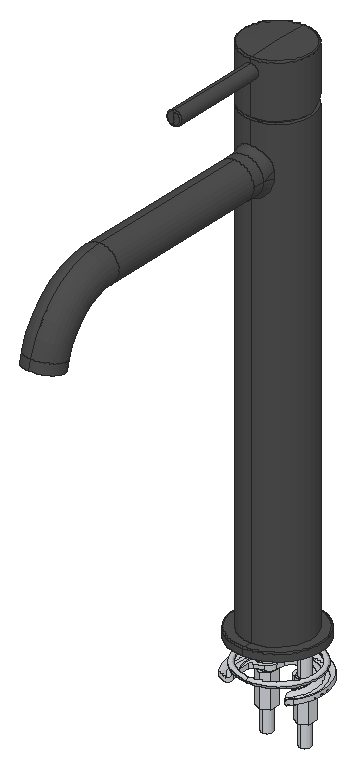
Revit family "Reece_Tap_Mizu_Drift_Basin Mixer_Curved_Extended", category Plumbing Fixtures, host Face, Revit 2018
Family settings
  Host = Face
  Round Connector Dimension = Use Diameter
  Part Type = Normal
  Cut with Voids When Loaded = No
  Shared = Yes
  Room Calculation Point = Yes
Parameters (values of type "165 mm_Matte Black")
  WFU = 0  # constant formula
  URL = "https://www.reece.com.au/product/-2267222"
  Type Comments = "Tap"
  Reece_Tap_Reach = 165 mm  # constant formula
  Reece_Tap_Inlet = 12 mm  # constant formula
  Reece_Tap_Clearance = 208 mm  # constant formula
  Reece_Product_Web Page = "https://www.reece.com.au/product/-2267222"
  Reece_Product_Type = "Tap"  # constant formula
  Reece_Product_Sub Brand = "Drift"  # constant formula
  Reece_Product_Number = "2267222"
  Reece_Product_Mount = "Hob Mounted"  # constant formula
  Reece_Product_Description = "Mizu Drift Extended Basin Mixer Curved Spout Matte Black (6 Star)"
  Reece_Product_Brand = "Mizu"  # constant formula
  Reece_Overall_Height = 301 mm  # constant formula
  Reece_Nozzle_Pipe Radius = 10.5 mm  # constant formula
  Reece_Material_Main = Reece_Brass_Matte Black
  Reece_Detail_Shape = "Curved"  # constant formula
  Reece_Detail_Installation = ""
  Reece_Detail_Disclaimer = "THIS FILE IS THE PROPERTY OF THE REECE GROUP. IT MAY NOT BE REPRODUCED, REVERSE-ENGINEERED, OR MODIFIED. ANY REPUBLICATION, TRANSMISSION, OR DISTRIBUTION FOR THE PURPOSE OF COMMERCIALLY EXPLOITING THE FILES IS PROHIBITED."  # constant formula
  Reece_Detail_Connector = ""
  Reece_Detail_Additional = "Extended"  # constant formula
  Model = "Drift"
  Manufacturer = "Mizu"
  Keynote = "Product #2267222, Reece_Tap_Mizu_Drift_Basin Mixer_Curved_Extended - 165 mm_Matte Black"
  HWFU = 0  # constant formula
  Disclaimer = "THIS FILE IS THE PROPERTY OF THE REECE GROUP. IT MAY NOT BE REPRODUCED, REVERSE-ENGINEERED, OR MODIFIED. ANY REPUBLICATION, TRANSMISSION, OR DISTRIBUTION FOR THE PURPOSE OF COMMERCIALLY EXPLOITING THE FILES IS PROHIBITED."  # constant formula
  Description = "Mizu Drift Extended Basin Mixer Curved Spout Matte Black (6 Star)"
  Default Elevation = 1000 mm
  CWFU = 0  # constant formula
Types (5, lengths in mm): name | URL | Reece_Product_Web Page | Reece_Product_Number | Reece_Product_Description | Reece_Material_Main | Keynote | Description
  165 mm_Brushed Nickel | "https://www.reece.com.au/product/-2267242" | "https://www.reece.com.au/product/-2267242" | "2267242" | "Mizu Drift Extended Basin Mixer Curved Spout Brushed Nickel (6 Star)" | Reece_Brass_Brushed Nickel | "Product #2267242, Reece_Tap_Mizu_Drift_Basin Mixer_Curved_Extended - 165 mm_Brushed Nickel" | "Mizu Drift Extended Basin Mixer Curved Spout Brushed Nickel (6 Star)"
  165 mm_Chrome | "https://www.reece.com.au/product/-2267200" | "https://www.reece.com.au/product/-2267200" | "2267200" | "Mizu Drift Extended Basin Mixer Curved Spout Chrome (6 Star)" | Reece_Brass_Chrome | "Product #2267200, Reece_Tap_Mizu_Drift_Basin Mixer_Curved_Extended - 165 mm_Chrome" | "Mizu Drift Extended Basin Mixer Curved Spout Chrome (6 Star)"
  165 mm_Matte Black | "https://www.reece.com.au/product/-2267222" | "https://www.reece.com.au/product/-2267222" | "2267222" | "Mizu Drift Extended Basin Mixer Curved Spout Matte Black (6 Star)" | Reece_Brass_Matte Black | "Product #2267222, Reece_Tap_Mizu_Drift_Basin Mixer_Curved_Extended - 165 mm_Matte Black" | "Mizu Drift Extended Basin Mixer Curved Spout Matte Black (6 Star)"
  165 mm_Brushed Gunmetal | "https://www.reece.com.au/product/-2267262" | "https://www.reece.com.au/product/-2267262" | "2267262" | "Mizu Drift Extended Basin Mixer Curved Spout Brushed Gunmetal (6 Star)" | Reece_Brass_Brushed Gunmetal | "Product #2267262, Reece_Tap_Mizu_Drift_Basin Mixer_Curved_Extended - 165 mm_Brushed Gunmetal" | "Mizu Drift Extended Basin Mixer Curved Spout Brushed Gunmetal (6 Star)"
  165 mm_Brushed Brass | "https://www.reece.com.au/product/-2267282" | "https://www.reece.com.au/product/-2267282" | "2267282" | "Mizu Drift Extended Basin Mixer Curved Spout Brushed Brass (6 Star)" | Reece_Brass_Brushed | "Product #2267282, Reece_Tap_Mizu_Drift_Basin Mixer_Curved_Extended - 165 mm_Brushed Brass" | "Mizu Drift Extended Basin Mixer Curved Spout Brushed Brass (6 Star)"
Reference planes
  plane 1 "Center (Front/Back)": y = 0
  plane 2: z = 0
  plane 3 "Center (Left/Right)": x = 0
  plane 4 "Top": z = 301
  plane 5: z = 243
  plane 6: y = -165
  plane 7: z = 208
  plane 8: through (0, -165, 208) normal (0, -0.9659, 0.2588)
  plane 9: y = 24.5
  plane 10: y = -175.5
Forms (mm)
  Revolve 1, solid, material "Reece_Brass_Matte Black" <- "Reece_Material_Main"
    sketch origin (0, 0, 0) x (0, 1, 0) y (0, 0, 1)
      loop
        line (-19, 268.979) -> (-19, 4.5) -> (-17.5, 4.5) -> (-17.5, 7) -> (0, 7) -> (0, 275.979) -> (-13.55, 275.979) -> (-13.55, 279.664)
        arc (-13.55, 279.664) -> (-16.07, 274.573) -> (-17.057, 268.979) r 20
        line (-17.057, 268.979) -> (-19, 268.979)
      axis (0, 279.664) -> (0, 4.5)
    angle from 0 to 360
  Revolve 2, solid, material "Reece_Brass_Matte Black" <- "Reece_Material_Main"
    sketch origin (0, 0, 0) x (0, 1, 0) y (0, 0, 1)
      loop
        line (-17.5, 4.5) -> (-24, 4.5)
        arc (-24, 4.5) -> (-24.354, 4.354) -> (-24.5, 4) r 0.5
        line (-24.5, 4) -> (-24.5, 0) -> (-22, 0) -> (-22, -1) -> (-18, -1) -> (-18, 2) -> (-16.5, 2) -> (-16.5, 5.5) -> (-17.5, 5.5) -> (-17.5, 4.5)
      axis (0, 5.5) -> (0, -1)
    angle from 0 to 360
  Revolve 3, solid, material "Reece_Brass_Matte Black" <- "Reece_Material_Main"
    sketch origin (0, 0, 118.364) x (0, 1, 0) y (0, 0, 1)
      loop
        line (-19, 152.3) -> (-17.94, 152.3) -> (-17.5, 158.59) -> (-17.5, 162.3) -> (0, 162.3) -> (0, 182.636)
        arc (0, 182.636) -> (-9.214, 182.544) -> (-18.424, 182.269) r 465.11
        arc (-18.424, 182.269) -> (-18.833, 182.085) -> (-19, 181.67) r 0.6
        line (-19, 181.67) -> (-19, 152.3)
      axis (0, 182.636) -> (0, 152.3)
    angle from 0 to 360
  Extrusion 4, void
    sketch origin (0, 21.394, 280.113) x (0, 0.91357, 0.406681) y (1, 0, 0)
      loop
        line (14.799, 24.5) -> (-35.201, 24.5) -> (-35.201, -24.5) -> (14.799, -24.5) -> (14.799, 24.5)
    from 0 to 19
  Revolve 5, void
    sketch origin (0, 0, 114.926) x (0, 1, 0) y (0, 0, 1)
      loop
        line (17.434, 173.743) -> (17.434, 169.75) -> (20.568, 169.75) -> (20.568, 173.743) -> (17.434, 173.743)
      axis (20.568, 169.75) -> (17.434, 169.75)
    angle from 0 to 360
  Revolve 6, solid, material "Reece_Brass_Matte Black" <- "Reece_Material_Main"
    sketch origin (0, 0, 114.926) x (0, 1, 0) y (0, 0, 1)
      loop
        arc (19.852, 169.75) -> (19.653, 171.536) -> (19.065, 173.234) r 8.104
        arc (19.065, 173.234) -> (18.801, 173.532) -> (18.419, 173.642) r 0.716
        line (18.419, 173.642) -> (17.555, 173.642) -> (17.555, 169.75) -> (19.852, 169.75)
      axis (17.555, 169.75) -> (19.852, 169.75)
    angle from 0 to 360
  Revolve 7, solid, material "Reece_Brass_Matte Black" <- "Reece_Material_Main"
    sketch origin (0, 0, 117.364) x (0, 1, 0) y (0, 0, 1)
      loop
        line (-73.215, 176.258) -> (-11.215, 176.258) -> (-11.215, 179.458) -> (-12.015, 180.258) -> (-72.715, 180.258)
        arc (-72.715, 180.258) -> (-73.069, 180.112) -> (-73.215, 179.758) r 0.5
        line (-73.215, 179.758) -> (-73.215, 176.258)
      axis (-11.215, 176.258) -> (-73.215, 176.258)
    angle from 0 to 360
  Revolve 8, solid
    sketch origin (0, 0, 0) x (0, 1, 0) y (0, 0, 1)
      loop
        circle (22.2, -14) r 1.3
      axis (1, -14) -> (1, -13)
    angle from 0 to 360
  Extrusion 9, void
    sketch origin (0, 2, 7) x (1, 0, 0) y (0, 1, 0)
      loop
        circle (-7, -9.5) r 6.7
      loop
        circle (-10.749, 4.019) r 3.519
      loop
        circle (10.75, 4) r 3.5
      loop
        circle (7, -9.5) r 6.7
    from 0 to 4
  Extrusion 10, solid
    sketch origin (0, 2, 7) x (0, 1, 0) y (1, 0, 0)
      loop
        circle (4, 10.75) r 3
      loop
        circle (4, -10.75) r 3
    from 0 to 61.5
  Revolve 11, solid
    sketch origin (0, 0, 0) x (0, 1, 0) y (0, 0, 1)
      loop
        arc (18.75, -21.5) -> (21.75, -23) -> (24.75, -21.5) r 3.75
        line (24.75, -21.5) -> (25.75, -21.5) -> (25.75, -19)
        arc (25.75, -19) -> (24.212, -19.499) -> (22.941, -20.498) r 4.61
        arc (22.941, -20.498) -> (21.841, -21) -> (20.728, -20.527) r 1.5
        arc (20.728, -20.527) -> (19.122, -19.398) -> (17.2, -19) r 4.84
        line (17.2, -19) -> (17.2, -21.5) -> (18.75, -21.5)
      axis (0, -19) -> (0, -21.5)
    angle from 0 to 360
  Extrusion 12, solid
    sketch origin (0, 0, -23) x (1, 0, 0) y (0, 1, 0)
      loop
        arc (-9.053, 2.711) -> (-6.961, 7.197) -> (-11.447, 9.289) r 3.5
        line (-11.447, 9.289) -> (-13.326, 8.605)
        arc (-13.326, 8.605) -> (-15.418, 4.119) -> (-10.932, 2.027) r 3.5
        line (-10.932, 2.027) -> (-9.053, 2.711)
      loop
        arc (-5.01, 5.791) -> (-6.06, 3.288) -> (-8.263, 1.702) r 5
        line (-8.263, 1.702) -> (-13.684, -0.271)
        arc (-13.684, -0.271) -> (-14.638, -1.003) -> (-15, -2.15) r 2
        line (-15, -2.15) -> (-15, -8.417)
        arc (-15, -8.417) -> (0, 17.2) -> (15, -8.417) r 17.2
        line (15, -8.417) -> (15, -2.15)
        arc (15, -2.15) -> (14.638, -1.003) -> (13.684, -0.271) r 2
        line (13.684, -0.271) -> (8.263, 1.702)
        arc (8.263, 1.702) -> (6.06, 3.288) -> (5.01, 5.791) r 5
        line (5.01, 5.791) -> (4.466, 10.221)
        arc (4.466, 10.221) -> (0, 14.173) -> (-4.466, 10.221) r 4.5
        line (-4.466, 10.221) -> (-5.01, 5.791)
      loop
        arc (11.447, 9.289) -> (6.961, 7.197) -> (9.053, 2.711) r 3.5
        line (9.053, 2.711) -> (10.932, 2.027)
        arc (10.932, 2.027) -> (15.418, 4.119) -> (13.326, 8.605) r 3.5
        line (13.326, 8.605) -> (11.447, 9.289)
    from 1.5 to 4
  Extrusion 13, void
    sketch origin (0, 0, -23) x (1, 0, 0) y (0, 1, 0)
      loop
        line (27.556, -34.599) -> (27.556, -14.961) -> (20.958, -14.961)
        arc (20.958, -14.961) -> (17.049, -15.272) -> (15, -11.93) r 3.75
        line (15, -11.93) -> (15, -8.417) -> (-15, -8.417) -> (-15, -11.93)
        arc (-15, -11.93) -> (-17.049, -15.272) -> (-20.958, -14.961) r 3.75
        line (-20.958, -14.961) -> (-27.556, -14.961) -> (-27.556, -34.599) -> (27.556, -34.599)
    from 0 to 5
  Extrusion 14, solid
    sketch origin (0, 0, 0) x (1, 0, 0) y (0, 1, 0)
      loop
        circle (10.75, 6) r 3
      loop
        line (10.75, 11.196) -> (6.25, 8.598) -> (6.25, 3.402) -> (10.75, 0.804) -> (15.25, 3.402) -> (15.25, 8.598) -> (10.75, 11.196)
      loop
        circle (-10.75, 6) r 3
      loop
        line (-10.75, 11.196) -> (-15.25, 8.598) -> (-15.25, 3.402) -> (-10.75, 0.804) -> (-6.25, 3.402) -> (-6.25, 8.598) -> (-10.75, 11.196)
    from -41.5 to -23
  Extrusion 15, void
    sketch origin (0, 0, 0) x (1, 0, 0) y (0, 1, 0)
      loop
        circle (0, 0) r 22
    from 0 to -35
  Sweep 16, solid, material "Reece_Brass_Matte Black" <- "Reece_Material_Main"
    path origin (0, -45.358, 116) x (0, 1, 0) y (0, 0, 1)
      loop
        line (15.429, 127) -> (-79.929, 127)
        arc (-79.929, 127) -> (-104.279, 118.734) -> (-118.566, 97.353) r 40
        line (-118.566, 97.353) -> (-120, 92)
    profile origin (0, -77.608, 243) x (0, 0, -1) y (1, 0, 0)
      loop
        circle (0, 0) r 10.5
  Sweep 17, solid, material "Reece_Brass_Matte Black" <- "Reece_Material_Main"
    path origin (0, 0, 116) x (0, 1, 0) y (0, 0, 1)
      loop
        line (-29.929, 137.5) -> (-23.438, 137.5)
        arc (-23.438, 137.5) -> (-19.902, 138.964) -> (-18.438, 142.5) r 5
        line (-18.438, 142.5) -> (-18.438, 147.5)
    profile origin (0, -26.683, 253.5) x (0, 0, 1) y (1, 0, 0)
      loop
        arc (-10.5, -10.5) -> (0, 0) -> (-10.5, 10.5) r 10.5
        line (-10.5, 10.5) -> (-10.5, -10.5)
  Sweep 18, solid, material "Reece_Brass_Matte Black" <- "Reece_Material_Main"
    path origin (0, 0, 370) x (0, 1, 0) y (0, 0, -1)
      loop
        line (-29.929, 137.5) -> (-23.438, 137.5)
        arc (-23.438, 137.5) -> (-19.902, 138.964) -> (-18.438, 142.5) r 5
        line (-18.438, 142.5) -> (-18.438, 147.5)
    profile origin (0, -26.683, 232.5) x (0, 0, 1) y (1, 0, 0)
      loop
        line (10.5, -10.5) -> (10.5, 10.5)
        arc (10.5, 10.5) -> (0, 0) -> (10.5, -10.5) r 10.5
  Extrusion 19, solid, material "Reece_Brass_Matte Black" <- "Reece_Material_Main"
    sketch origin (0, 0, 116) x (0, 1, 0) y (0, 0, 1)
      loop
        arc (-23.438, 127) -> (-12.477, 122.46) -> (-7.938, 111.5) r 15.5
        line (-7.938, 111.5) -> (-7.938, 142.5)
        arc (-7.938, 142.5) -> (-12.477, 131.54) -> (-23.438, 127) r 15.5
    from -10.5 to 10.5
  Revolve 20, void
    sketch origin (0, -45.357, 116.003) x (0, 1, 0) y (0, 0, 1)
      loop
        line (-120.258, 91.037) -> (-110.53, 88.43) -> (-110.005, 90.392) -> (-110.953, 90.646) -> (-110.695, 91.612) -> (-119.474, 93.964) -> (-120.258, 91.037)
      axis (-120.258, 91.037) -> (-119.474, 93.964)
    angle from 0 to 360
Cuts and joins
  Extrusion 9 cuts Revolve 1
  Extrusion 9 cuts Revolve 2
  Extrusion 4, Revolve 5 cuts Revolve 3
  Revolve 20 cuts Sweep 16
  joined: Revolve 1, Revolve 2, Revolve 3, Revolve 7, Sweep 16, Sweep 17, Sweep 18, Extrusion 19
  Extrusion 9 cuts Extrusion 10
  joined: Extrusion 10, Extrusion 14
  Extrusion 13 cuts Revolve 11
Lines and regions (mm)
  reference lines
    curve 1: line (0, 42.299, 289.419) -> (0, 0.166, 270.664)
Text (mm)
  text "Reece Copyright © 2018, Reece Ltd." at (-1403.988, -292.393, 0), in view "Ref. Level"
  text "Reece ©" at (-66.876, 161.614, 206.269), in view "Reece Preview"
Dimensions and locks
  locked: Revolve 1 sketch curve to Revolve 1 sketch curve at 2.5
  Revolve 1 sketch curve to Revolve 1 sketch curve = 19 mm
  Revolve 2 sketch curve to Revolve 2 sketch curve = 24.5 mm
  locked: Revolve 2 sketch curve to Revolve 2 sketch curve at 2.5
  locked: Revolve 2 sketch curve to Revolve 2 sketch curve at 3.5
  locked: Revolve 2 sketch curve to Revolve 2 sketch curve at 1
  Revolve 2 sketch curve to Revolve 2 sketch curve = 17.5 mm
  locked: Revolve 2 sketch curve to Revolve 2 sketch curve at 1.5
  Extrusion 4 sketch curve to curve 1 to Extrusion 4 sketch curve = 24.5 mm, 24.5 mm
  locked: Revolve 7 sketch curve to Revolve 7 sketch curve at 4
  "Reece_Overall_Height": plane 4 "Top" to level
  "Reece_Tap_Clearance": plane 7 to level
  "Reece_Tap_Reach": plane 6 to plane 1 "Center (Front/Back)"
  level to plane 5 = 243 mm
  "Reece_Nozzle_Pipe Radius": radius of Sweep 16 sketch curve
  angle plane 8 to plane 6 = 15.00°
  angle plane 6 to plane 8 = 15.00°
  aligned and locked: plane 2 to host face
  aligned and locked: level to host face
  aligned and locked: Revolve 3 sketch curve to Revolve 3 sketch curve
Automatic sketch dimensions
  host sketch curve to host sketch curve = 380.785 mm
  host sketch curve to host sketch curve = 317.421 mm
  curve 1 to plane 1 "Center (Front/Back)" = 0.166 mm
  curve 1 to plane 5 = 27.664 mm
  Revolve 5 sketch curve to plane 1 "Center (Front/Back)" = 17.434 mm
  Revolve 5 sketch curve to Revolve 5 sketch curve = 3.134 mm
  Revolve 5 sketch curve to plane 4 "Top" = 16.324 mm
  Revolve 5 sketch curve to Revolve 5 sketch curve = 3.993 mm
  Revolve 5 sketch curve to Revolve 5 sketch curve = 2.864 mm
  Revolve 5 sketch curve to Revolve 5 sketch curve = 4.002 mm
  Revolve 5 sketch curve to Revolve 5 sketch curve = 0 mm
  Revolve 6 sketch curve to plane 1 "Center (Front/Back)" = 11.748 mm
  Revolve 6 sketch curve to Revolve 6 sketch curve = 5.807 mm
  Revolve 6 sketch curve to Revolve 6 sketch curve = 0.864 mm
  Revolve 6 sketch curve to Revolve 6 sketch curve = 2.297 mm
  Revolve 6 sketch curve to plane 4 "Top" = 16.324 mm
  Revolve 6 sketch curve to Revolve 6 sketch curve = 3.177 mm
  Revolve 6 sketch curve to Revolve 6 sketch curve = 0.716 mm
  Revolve 6 sketch curve to Revolve 6 sketch curve = 1.775 mm
  Revolve 6 sketch curve to Revolve 6 sketch curve = 5.654 mm
  Revolve 6 sketch curve to Revolve 6 sketch curve = 0 mm
  Revolve 7 sketch curve to plane 4 "Top" = 7.378 mm
  plane 1 "Center (Front/Back)" to Revolve 7 sketch curve = 73.215 mm
  Revolve 7 sketch curve to Revolve 7 sketch curve = 0.5 mm
  plane 1 "Center (Front/Back)" to Revolve 7 sketch curve = 12.015 mm
  Revolve 7 sketch curve to Revolve 7 sketch curve = 0.8 mm  (x2)
  Revolve 7 sketch curve to Revolve 7 sketch curve = 1.412 mm
  Revolve 7 sketch curve to plane 1 "Center (Front/Back)" = 0.187 mm
  Revolve 7 sketch curve to Revolve 7 sketch curve = 0 mm
  Revolve 8 sketch curve to plane 1 "Center (Front/Back)" = 22.2 mm
  Revolve 8 sketch curve to level = 14 mm  (x2)
  Revolve 8 sketch curve to plane 1 "Center (Front/Back)" = 1 mm
  Revolve 8 sketch curve to Revolve 8 sketch curve = 4.102 mm
  Revolve 1 to Extrusion 9 sketch curve = 10.749 mm
  Revolve 1 to Extrusion 9 sketch curve = 7 mm
  Extrusion 9 sketch curve to Revolve 1 = 7 mm
  Extrusion 9 sketch curve to Revolve 1 = 10.75 mm
  Extrusion 9 sketch curve to Extrusion 9 sketch curve = 0 mm
  Extrusion 9 sketch curve to Extrusion 9 sketch curve = 13.5 mm
  Extrusion 9 sketch curve to Extrusion 9 sketch curve = 13.519 mm
  Revolve 1 to Extrusion 10 sketch curve = 10.75 mm
  Extrusion 10 sketch curve to Extrusion 10 sketch curve = 0 mm
  Extrusion 10 sketch curve to Revolve 1 = 10.75 mm
  Revolve 11 sketch curve to plane 1 "Center (Front/Back)" = 0 mm
  Revolve 11 sketch curve to plane 1 "Center (Front/Back)" = 17.2 mm
  Revolve 11 sketch curve to Revolve 11 sketch curve = 1.55 mm
  Revolve 11 sketch curve to Revolve 11 sketch curve = 3 mm
  Revolve 11 sketch curve to Revolve 11 sketch curve = 0.072 mm
  Revolve 11 sketch curve to Revolve 11 sketch curve = 2.928 mm
  Revolve 11 sketch curve to Revolve 11 sketch curve = 1 mm
  Revolve 11 sketch curve to Revolve 11 sketch curve = 0.632 mm
  Revolve 11 sketch curve to level = 23.84 mm
  Revolve 11 sketch curve to Revolve 11 sketch curve = 0.274 mm
  Revolve 11 sketch curve to Revolve 11 sketch curve = 2.34 mm
  Revolve 11 sketch curve to Revolve 11 sketch curve = 2 mm
  Revolve 11 sketch curve to Revolve 11 sketch curve = 0.25 mm
  Revolve 11 sketch curve to Revolve 11 sketch curve = 2.5 mm  (x2)
  Revolve 11 sketch curve to Revolve 11 sketch curve = 0 mm
  Revolve 11 sketch curve to Revolve 11 sketch curve = 316.97 mm
  plane 4 "Top" to Revolve 11 sketch curve = 635.832 mm
  plane 1 "Center (Front/Back)" to Extrusion 12 sketch curve = 0 mm
  Extrusion 12 sketch curve to plane 3 "Center (Left/Right)" = 0 mm  (x2)
  Extrusion 12 sketch curve to plane 3 "Center (Left/Right)" = 4.466 mm
  Extrusion 12 sketch curve to Extrusion 12 sketch curve = 0.544 mm  (x2)
  Extrusion 12 sketch curve to plane 1 "Center (Front/Back)" = 1.702 mm  (x2)
  Extrusion 12 sketch curve to Extrusion 12 sketch curve = 3.253 mm  (x2)
  Extrusion 12 sketch curve to plane 1 "Center (Front/Back)" = 2.711 mm
  Extrusion 12 sketch curve to Extrusion 12 sketch curve = 0.79 mm  (x2)
  Extrusion 12 sketch curve to Extrusion 12 sketch curve = 0.92 mm  (x2)
  Extrusion 12 sketch curve to Extrusion 12 sketch curve = 0.277 mm  (x2)
  Extrusion 12 sketch curve to plane 1 "Center (Front/Back)" = 2.027 mm  (x2)
  Extrusion 12 sketch curve to Extrusion 12 sketch curve = 1.879 mm  (x6)
  Extrusion 12 sketch curve to Extrusion 12 sketch curve = 1.474 mm  (x2)
  Extrusion 12 sketch curve to Extrusion 12 sketch curve = 2.068 mm  (x2)
  Extrusion 12 sketch curve to plane 1 "Center (Front/Back)" = 8.605 mm
  plane 1 "Center (Front/Back)" to Extrusion 12 sketch curve = 0.271 mm  (x2)
  Extrusion 12 sketch curve to Extrusion 12 sketch curve = 0.684 mm  (x2)
  Extrusion 12 sketch curve to Extrusion 12 sketch curve = 2 mm
  plane 3 "Center (Left/Right)" to Extrusion 12 sketch curve = 4.466 mm
  plane 1 "Center (Front/Back)" to Extrusion 12 sketch curve = 2.15 mm
  Extrusion 12 sketch curve to Extrusion 12 sketch curve = 6.266 mm
  Extrusion 12 sketch curve to Extrusion 12 sketch curve = 1.009 mm
  Extrusion 12 sketch curve to Extrusion 12 sketch curve = 3.289 mm
  Extrusion 12 sketch curve to Extrusion 12 sketch curve = 3.08 mm  (x2)
  Extrusion 12 sketch curve to Extrusion 12 sketch curve = 0.401 mm  (x2)
  Extrusion 12 sketch curve to Extrusion 12 sketch curve = 3.882 mm
  Extrusion 12 sketch curve to Extrusion 12 sketch curve = 4.43 mm
  Extrusion 13 sketch curve to plane 3 "Center (Left/Right)" = 27.556 mm
  Extrusion 13 sketch curve to Extrusion 13 sketch curve = 6.599 mm  (x2)
  Extrusion 13 sketch curve to Extrusion 13 sketch curve = 2.208 mm  (x2)
  Extrusion 13 sketch curve to Extrusion 13 sketch curve = 3.75 mm  (x2)
  plane 3 "Center (Left/Right)" to Extrusion 13 sketch curve = 15 mm
  plane 1 "Center (Front/Back)" to Extrusion 13 sketch curve = 34.599 mm
  plane 1 "Center (Front/Back)" to Extrusion 13 sketch curve = 14.961 mm  (x2)
  Extrusion 13 sketch curve to Extrusion 13 sketch curve = 3.514 mm
  Extrusion 14 sketch curve to plane 3 "Center (Left/Right)" = 15.25 mm
  Extrusion 14 sketch curve to plane 1 "Center (Front/Back)" = 0.804 mm  (x2)
  Extrusion 14 sketch curve to Extrusion 14 sketch curve = 4.5 mm  (x6)
  Extrusion 14 sketch curve to Extrusion 14 sketch curve = 0 mm  (x2)
  plane 3 "Center (Left/Right)" to Extrusion 14 sketch curve = 6.25 mm
  Extrusion 14 sketch curve to plane 1 "Center (Front/Back)" = 3.402 mm  (x4)
  Extrusion 14 sketch curve to Extrusion 14 sketch curve = 5.196 mm  (x7)
  Extrusion 14 sketch curve to Extrusion 14 sketch curve = 2.598 mm
  Extrusion 15 sketch curve to Extrusion 15 sketch curve = 0 mm  (x2)
  Extrusion 15 sketch curve to plane 3 "Center (Left/Right)" = 0 mm
  plane 1 "Center (Front/Back)" to Extrusion 15 sketch curve = 0 mm
  plane 1 "Center (Front/Back)" to Extrusion 15 sketch curve = 22 mm
  Revolve 1 sketch curve to plane 1 "Center (Front/Back)" = 0 mm  (x2)
  Revolve 1 sketch curve to Revolve 1 sketch curve = 1.5 mm
  Revolve 1 sketch curve to Revolve 1 sketch curve = 1.943 mm
  Revolve 1 sketch curve to Revolve 1 sketch curve = 3.507 mm
  Revolve 1 sketch curve to plane 1 "Center (Front/Back)" = 2.932 mm
  level to Revolve 1 sketch curve = 4.5 mm
  Revolve 1 sketch curve to plane 5 = 25.335 mm
  Revolve 1 sketch curve to Revolve 1 sketch curve = 0.644 mm
  Revolve 1 sketch curve to level = 340.81 mm
  plane 4 "Top" to Revolve 1 sketch curve = 2203.37 mm
  Revolve 2 sketch curve to level = 0 mm
  Revolve 2 sketch curve to plane 1 "Center (Front/Back)" = 0 mm
  Revolve 2 sketch curve to Revolve 2 sketch curve = 0.5 mm
  Revolve 2 sketch curve to level = 1 mm
  level to Revolve 2 sketch curve = 2 mm
  Revolve 2 sketch curve to Revolve 2 sketch curve = 4 mm
  Revolve 2 sketch curve to Revolve 2 sketch curve = 339.81 mm
  plane 4 "Top" to Revolve 2 sketch curve = 2203.37 mm
  Extrusion 4 sketch curve to curve 1 = 11.965 mm
  Extrusion 4 sketch curve to curve 1 = 8.083 mm
  Revolve 1 sketch curve to Revolve 1 sketch curve = 7.644 mm
  curve 1 to plane 9 = 17.799 mm
  curve 1 to plane 4 "Top" = 11.581 mm
  Sweep 16 sketch curve to plane 6 = 1.076 mm
  Sweep 16 sketch curve to Sweep 16 sketch curve = 38.637 mm
  level to Sweep 16 sketch curve = 203 mm
  Sweep 16 sketch curve to Sweep 16 sketch curve = 10.353 mm
  Sweep 16 sketch curve to Sweep 16 sketch curve = 1.434 mm
  plane 1 "Center (Front/Back)" to Sweep 16 sketch curve = 29.929 mm
  Sweep 16 sketch curve to Sweep 16 sketch curve = 5.353 mm
  plane 1 "Center (Front/Back)" to Sweep 17 sketch curve = 23.438 mm
  Sweep 17 sketch curve to Sweep 17 sketch curve = 5 mm  (x2)
  Sweep 17 sketch curve to plane 7 = 45.5 mm
  Sweep 17 sketch curve to Sweep 17 sketch curve = 6.491 mm
  Sweep 17 sketch curve to profile plane = 0 mm
  profile plane to Sweep 17 sketch curve = 10.5 mm
  Sweep 17 sketch curve to Sweep 17 sketch curve = 10.5 mm
  Sweep 18 sketch curve to plane 1 "Center (Front/Back)" = 23.438 mm
  Sweep 18 sketch curve to Sweep 18 sketch curve = 5 mm  (x2)
  plane 7 to Sweep 18 sketch curve = 24.5 mm
  Sweep 18 sketch curve to Sweep 18 sketch curve = 6.491 mm
  Sweep 18 sketch curve to profile plane = 0 mm
  Sweep 18 sketch curve to profile plane = 10.5 mm  (x2)
  plane 1 "Center (Front/Back)" to Extrusion 19 sketch curve = 23.438 mm
  Extrusion 19 sketch curve to Extrusion 19 sketch curve = 0 mm  (x3)
  plane 1 "Center (Front/Back)" to Extrusion 19 sketch curve = 7.938 mm
  Extrusion 19 sketch curve to plane 7 = 19.5 mm
  Extrusion 19 sketch curve to Extrusion 19 sketch curve = 31 mm
  Revolve 3 sketch curve to plane 1 "Center (Front/Back)" = 0 mm
  Revolve 3 sketch curve to plane 4 "Top" = 0 mm
  plane 1 "Center (Front/Back)" to Revolve 3 sketch curve = 17.5 mm
  Revolve 3 sketch curve to Revolve 3 sketch curve = 0.44 mm
  Revolve 3 sketch curve to plane 4 "Top" = 0.967 mm
  Revolve 3 sketch curve to Revolve 3 sketch curve = 1.06 mm
  Revolve 3 sketch curve to plane 1 "Center (Front/Back)" = 0.055 mm
  Revolve 3 sketch curve to Revolve 3 sketch curve = 19.37 mm
  Revolve 3 sketch curve to Revolve 3 sketch curve = 3.71 mm
  Revolve 3 sketch curve to Revolve 3 sketch curve = 6.29 mm
  Revolve 3 sketch curve to plane 4 "Top" = 0.367 mm
  Revolve 3 sketch curve to Revolve 3 sketch curve = 0 mm
  Revolve 3 sketch curve to Revolve 3 sketch curve = 58.336 mm
  plane 4 "Top" to Revolve 3 sketch curve = 2177.727 mm
  plane 6 to Revolve 20 sketch curve = 0.615 mm
  Revolve 20 sketch curve to plane 6 = 0.169 mm
  plane 7 to Revolve 20 sketch curve = 1.351 mm
  Revolve 20 sketch curve to plane 6 = 8.69 mm
  plane 7 to Revolve 20 sketch curve = 0.385 mm
  Revolve 20 sketch curve to Revolve 20 sketch curve = 0.259 mm
  plane 7 to Revolve 20 sketch curve = 3.567 mm
  Revolve 20 sketch curve to plane 10 = 3.943 mm
  Revolve 20 sketch curve to plane 6 = 14.381 mm
  Revolve 20 sketch curve to Revolve 20 sketch curve = 22.176 mm
  Revolve 20 sketch curve to plane 5 = 20.005 mm
  Sweep 16 sketch curve to profile plane = 0 mm  (x2)
  radius of Revolve 8 sketch curve = 1.3 mm
  radius of Extrusion 9 sketch curve = 6.7 mm  (x2)
  radius of Extrusion 9 sketch curve = 3.519 mm
  radius of Extrusion 9 sketch curve = 3.5 mm
  radius of Extrusion 10 sketch curve = 3 mm  (x2)
  radius of Extrusion 14 sketch curve = 3 mm  (x2)
Connectors
  piping at (-7, -7.5, 11), diameter 12, driven by "Reece_Tap_Inlet"
    settings: on cut or joined group 1 (Revolve 1, Revolve 2, Revolve 3, Extrusion 4, Revolve 5, Revolve 7, Extrusion 9, Sweep 16, Sweep 17, Sweep 18, Extrusion 19, Revolve 20), index 1, connector inside diameter 609.6 mm, connector length 0 mm, flow factor 0, pipe flow 0.0 L/s, pressure drop 0.0 Pa, fitting loss kfactor 0, connector angle 0.00°, fixture units 0, engagement length 0 mm, angle of deflection 0.00°, flow configuration 0, flow direction 1, fitting loss method 0, system type 29, joint type 0, gender type 0, connector reference index -1, connector utility 0, adjustable connector no, is connector primary yes, connector description "Hot Water"
  piping at (7, -7.5, 11), diameter 12, driven by "Reece_Tap_Inlet"
    settings: on cut or joined group 1, index 2, connector inside diameter 609.6 mm, connector length 0 mm, flow factor 0, pipe flow 0.0 L/s, pressure drop 0.0 Pa, fitting loss kfactor 0, connector angle 0.00°, fixture units 0, engagement length 0 mm, angle of deflection 0.00°, flow configuration 0, flow direction 1, fitting loss method 0, system type 29, joint type 0, gender type 0, connector reference index -1, connector utility 0, adjustable connector no, is connector primary no, connector description "Cold Water"
